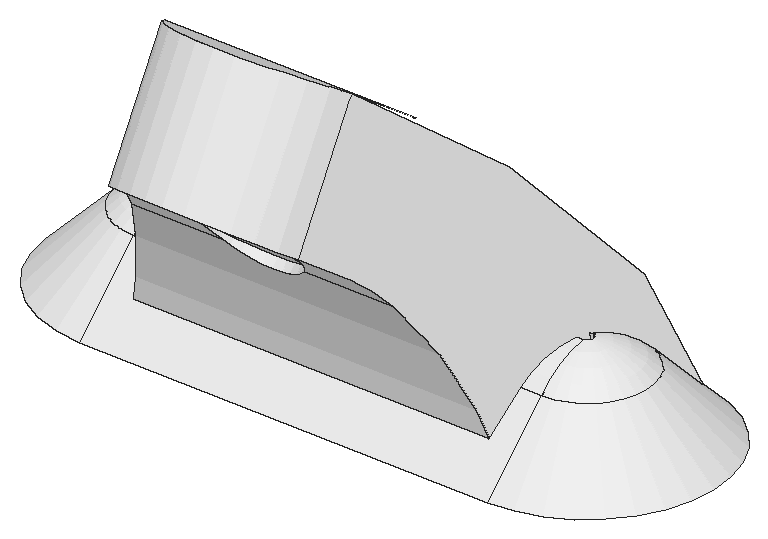
Revit family "WH3375-HC-SO", category Plumbing Fixtures, Revit 2018
Family settings
  Round Connector Dimension = Use Diameter
  Part Type = Normal
  OmniClass Number = 23.45.55.14
  OmniClass Title = Single Faucets
  Work Plane-Based = Yes
  Always vertical = No
  Cut with Voids When Loaded = No
  Shared = Yes
  Room Calculation Point = No
Parameters (values of type "WH3375-HC-SO")
  Waste Connection = no
  Voltage = 9 V
  Vent Connection = no
  URL = "https://www.whitehallmfg.com/home"
  Product Page URL = "https://www.whitehallmfg.com/WH3375-HC-SO"
  Product Documentation Link = "https://www.whitehallmfg.com/uploads/fileLibrary/WH3375-HC-SO.pdf"
  Price = "Prices may vary. Please consult Manufacturer Representative for most up-to-date price list."  # constant formula
  Model = "WH3375-HC-SO"  # constant formula
  Manufacturer = "Whitehall Mfg."  # constant formula
  Installation Type = "Counter Mounted"  # constant formula
  Hot Water Connection Radius = Hot Water Connection Diameter / 2  # 1/2"
  Hot Water Connection Diameter = 1"
  HWFU = 1.5
  HW Connection = yes
  Flow Rate = "0.5 GPM"  # constant formula
  Faucet material = Metal-Whitehalls-Chrome Plated-Cast Bronze
  Description = "Ligature Resistant Dual Temperature Sensor Activated Faucet - 4 Inch Centerset"  # constant formula
  Default Elevation = 0"
  Creation Date = "22/12/20"  # constant formula
  Cold Water Connection Radius = Cold Water Connection Diameter / 2  # 1/2"
  Cold Water Connection Diameter = 1"
  Centerset Width = 4"
  CWFU = 1.5
  CW Connection = yes
  Assembly Code = "D2020"
  ADA Compliant = yes
Reference planes (in)
  plane 1 "Center (Front/Back)": y = 0
  plane 2: z = 0
  plane 3 "Center (Left/Right)": x = 0
  plane 4: x = 2
  plane 5: x = -2
  plane 6: z = 0.25
Forms (in)
  Sweep 1, solid, material "Metal-Whitehalls-Chrome Plated-Cast Bronze" <- "Faucet material"
    path origin (0, 0, 0) x (1, 0, 0) y (0, 1, 0)
      loop
        arc (-2.01519, 1.21135) -> (-3.20237, 0.02417) -> (-2.01519, -1.16302) r 1.18718
        line (-2.01519, -1.16302) -> (2.01519, -1.16302)
        arc (2.01519, -1.16302) -> (3.20237, 0.02417) -> (2.01519, 1.21135) r 1.18718
        line (2.01519, 1.21135) -> (-2.01519, 1.21135)
    profile origin (-3.20237, 0.02417, 0) x (1, 0, 0) y (0, 0, 1)
      loop
        line (1.13315, 0) -> (1.13315, 0.92289)
        arc (1.13315, 0.92289) -> (0.84867, 0.83222) -> (0.60678, 0.65717) r 0.94322
        line (0.60678, 0.65717) -> (-0.05039, 0) -> (1.13315, 0)
  Extrusion 2, solid, material "Metal-Whitehalls-Chrome Plated-Cast Bronze" <- "Faucet material"
    sketch origin (0, 0.0336, 0.60763) x (1, 0, 0) y (0, -0.87462, 0.48481)
      loop
        line (-2.60131, -1.43406) -> (2.60145, -1.43406) -> (0.92701, 2.71322)
        arc (0.92701, 2.71322) -> (-0.00034, 3.33884) -> (-0.92759, 2.7131) r 1
        line (-0.92759, 2.7131) -> (-2.60131, -1.43406)
    from -1.87067 to 0.92547
  Sweep 3, void
    path origin (-24, 0, 0) x (1, 0, 0) y (0, 1, 0)
      loop
        line (20.83844, 1.02123) -> (27.16156, 1.02123)
    profile origin (0, 1.02123, 0) x (0, 1, 0) y (0, 0, 1)
      loop
        line (-2.84104, 1.92987) -> (-4.35982, 2.99333) -> (-4.35982, -1.5) -> (1.24039, -1.5) -> (1.24039, 4.11402) -> (-4.05899, 4.11402)
        arc (-4.05899, 4.11402) -> (-2.00338, 2.98117) -> (-0.41383, 1.25427) r 7.29607
        arc (-0.41383, 1.25427) -> (-0.18208, 0.63622) -> (-0.00629, 0) r 7.40654
        line (-0.00629, 0) -> (-1.82024, 0)
        arc (-1.82024, 0) -> (-2.06355, 0.83854) -> (-2.49765, 1.59611) r 3.67816
        arc (-2.49765, 1.59611) -> (-2.65594, 1.77678) -> (-2.84104, 1.92987) r 1.5
  Extrusion 4, void
    sketch origin (0, -1.61963, -0.4264) x (1, 0, 0) y (0, 0.766044, -0.642788)
      loop
        circle (0, -1.47796) r 0.5
    from 1.07238 to 1.69203
  Extrusion 5, solid, material "Metal-Whitehalls-Chrome Plated-Cast Bronze"
    sketch origin (-0.22864, 0.25976, -0.09443) x (-0.190555, 0.981649, 0.007292) y (0.069491, 0.00608, 0.997564)
      loop
        arc (-0.61984, 1.28061) -> (-0.61984, 1.36778) -> (-0.70702, 1.36778) r 0.06164
        line (-0.70702, 1.36778) -> (-0.88379, 1.191)
        arc (-0.88379, 1.191) -> (-0.88379, 1.10383) -> (-0.79662, 1.10383) r 0.06164
        line (-0.79662, 1.10383) -> (-0.61984, 1.28061)
    from -1.51719 to -1.44997
  Extrusion 6, solid, material "Metal-Whitehalls-Chrome Plated-Cast Bronze"
    sketch origin (0.22864, 0.25976, -0.09443) x (0.190555, 0.981649, 0.007292) y (0.069491, -0.00608, -0.997564)
      loop
        line (-0.61984, -1.28061) -> (-0.79662, -1.10383)
        arc (-0.79662, -1.10383) -> (-0.88379, -1.10383) -> (-0.88379, -1.191) r 0.06164
        line (-0.88379, -1.191) -> (-0.70702, -1.36778)
        arc (-0.70702, -1.36778) -> (-0.61984, -1.36778) -> (-0.61984, -1.28061) r 0.06164
    from -1.51719 to -1.44997
  Revolve 7, solid, material "Red"
    sketch origin (0.18259, -0.48587, -0.05132) x (1, 0, 0) y (0, 0, 1)
      loop
        arc (-1.62177, 1.18577) -> (-1.87177, 0.93577) -> (-1.62177, 0.68577) r 0.25
        line (-1.62177, 0.68577) -> (-1.62177, 1.18577)
      axis (-1.62177, 1.18577) -> (-1.62177, 0.68577)
    angle from 0 to 360
  Revolve 8, solid, material "Blue"
    sketch origin (-0.18259, -0.48587, -0.05132) x (-1, 0, 0) y (0, 0, -1)
      loop
        line (-1.62177, -1.18577) -> (-1.62177, -0.68577)
        arc (-1.62177, -0.68577) -> (-1.87177, -0.93577) -> (-1.62177, -1.18577) r 0.25
      axis (-1.62177, -1.18577) -> (-1.62177, -0.68577)
    angle from 0 to 360
  Extrusion 9, solid
    sketch origin (0, 0, 0) x (1, 0, 0) y (0, 1, 0)
      loop
        circle (-1.98563, 0.00566) r 0.5
      loop
        circle (2, 0) r 0.5
    from 0 to 0.25
Cuts and joins
  Sweep 3, Extrusion 4 cuts Extrusion 2
  Extrusion 4 cuts Sweep 1
Lines and regions (in)
  Masking region 1
    outline origin (0, 0, 0) x (1, 0, 0) y (0, 1, 0)
      loop
        line (-2.01519, -1.2134) -> (-1.76621, -1.2134) -> (-1.26768, -1.9641)
        spline (-1.26768, -1.9641) -> (-1.24337, -1.99524) -> (-1.21835, -2.02942) -> (-1.19268, -2.06656) -> (-1.1664, -2.10658) -> (-1.13958, -2.1494) -> (-1.11227, -2.19491) -> (-1.08453, -2.24303) -> (-1.05643, -2.29364) -> (-1.02802, -2.34664) -> (-0.99936, -2.40191) -> (-0.97052, -2.45933) -> (-0.94157, -2.51878)
        spline (-0.94157, -2.51878) -> (-0.8555, -2.66846) -> (-0.73439, -2.80088) -> (-0.58321, -2.91061) -> (-0.40814, -2.99317) -> (-0.21636, -3.04517) -> (-0.01573, -3.06448) -> (0.18555, -3.05031) -> (0.37921, -3.00323) -> (0.55734, -2.92519) -> (0.71263, -2.81937) -> (0.83872, -2.69011) -> (0.93045, -2.54271)
        spline (0.93045, -2.54271) -> (0.96151, -2.47811) -> (0.99244, -2.41579) -> (1.02314, -2.3559) -> (1.05356, -2.29859) -> (1.08362, -2.244) -> (1.11324, -2.19226) -> (1.14235, -2.14349) -> (1.17089, -2.09781) -> (1.19877, -2.05534) -> (1.22594, -2.01618) -> (1.25233, -1.98042) -> (1.27788, -1.94814)
        line (1.27788, -1.94814) -> (1.76601, -1.2134) -> (2.01519, -1.2134)
        arc (2.01519, -1.2134) -> (3.25276, 0.02417) -> (2.01519, 1.26173) r 1.23757
        line (2.01519, 1.26173) -> (-2.01519, 1.26173)
        arc (-2.01519, 1.26173) -> (-3.25276, 0.02417) -> (-2.01519, -1.2134) r 1.23757
  symbolic lines, detail levels medium+fine
    curve 1: circle (-1.98563, 0.00566, 0) r 0.5 normal (0, 0, 1)
    curve 2: circle (2, 0, 0) r 0.5 normal (0, 0, 1)
  symbolic lines
    curve 3: line (0, -2.05582, 3.75) -> (0, -3.80582, 3.75)
    curve 4: line (0, -0.02987, 0.92289) -> (0, -1.39566, 0.92289)
Dimensions and locks (in)
  plane 5 to plane 3 "Center (Left/Right)" to plane 4 = 2", 2"
  "Centerset Width": plane 5 to plane 4
  level to curve 3 = 3 3/4"
  level to curve 4 = 0.92289"
  "Hot Water Connection Radius": radius of Extrusion 9 sketch curve
  "Cold Water Connection Radius": radius of Extrusion 9 sketch curve
  aligned and locked: plane 6 to Extrusion 9
  aligned and locked: Masking region 1 sketch curve to cut or joined group of Sweep 1, Extrusion 4  (x2)
  aligned and locked: curve 1 to Extrusion 9
  aligned and locked: curve 2 to Extrusion 9
Automatic sketch dimensions
  Extrusion 4 sketch curve to plane 3 "Center (Left/Right)" = 0"
  Extrusion 5 sketch curve to Extrusion 5 sketch curve = 0.04359"  (x6)
  Extrusion 5 sketch curve to Extrusion 5 sketch curve = 0.17678"  (x2)
  Extrusion 6 sketch curve to Extrusion 6 sketch curve = 0.04359"  (x6)
  Extrusion 6 sketch curve to Extrusion 6 sketch curve = 0.17678"  (x2)
  Revolve 7 sketch curve to plane 5 = 0.56083"  (x2)
  level to Revolve 7 sketch curve = 0.63445"
  Revolve 7 sketch curve to Revolve 7 sketch curve = 1/4"
  Revolve 7 sketch curve to level = 0.007"
  Revolve 7 sketch curve to Revolve 7 sketch curve = 0.60855"
  Revolve 8 sketch curve to plane 4 = 0.56083"  (x2)
  level to Revolve 8 sketch curve = 1.13445"
  Revolve 8 sketch curve to Revolve 8 sketch curve = 1/4"
  Revolve 8 sketch curve to level = 0.007"
  Revolve 8 sketch curve to Revolve 8 sketch curve = 0.60855"
  plane 5 to Extrusion 2 sketch curve = 0.60131"
  Extrusion 2 sketch curve to plane 3 "Center (Left/Right)" = 0.92759"
  Extrusion 2 sketch curve to plane 3 "Center (Left/Right)" = 0.00027"
  plane 3 "Center (Left/Right)" to Extrusion 2 sketch curve = 0.92701"
  plane 4 to Extrusion 2 sketch curve = 0.60145"
  Extrusion 2 sketch curve to Extrusion 2 sketch curve = 3.7729"
  Extrusion 2 sketch curve to Extrusion 2 sketch curve = 0.37425"
  plane 1 "Center (Front/Back)" to Extrusion 9 sketch curve = 0"
  Extrusion 9 sketch curve to plane 4 = 0"
  Extrusion 9 sketch curve to plane 1 "Center (Front/Back)" = 0.00566"
  Extrusion 9 sketch curve to plane 5 = 0.01437"
  Sweep 3 sketch curve to plane 1 "Center (Front/Back)" = 1.02123"
  plane 4 to Sweep 3 sketch curve = 1.16156"
  plane 5 to Sweep 3 sketch curve = 1.16156"
  Masking region 1 sketch curve to plane 4 = 0.72212"
  plane 3 "Center (Left/Right)" to Masking region 1 sketch curve = 0.90422"
  Masking region 1 sketch curve to Masking region 1 sketch curve = 0.34743"
  Masking region 1 sketch curve to Masking region 1 sketch curve = 0.18807"
  Masking region 1 sketch curve to Masking region 1 sketch curve = 0.59456"
  Masking region 1 sketch curve to plane 3 "Center (Left/Right)" = 0.00015"
  Masking region 1 sketch curve to Masking region 1 sketch curve = 0.06753"
  Masking region 1 sketch curve to plane 5 = 0.53382"
  Masking region 1 sketch curve to Masking region 1 sketch curve = 0.1985"
  Masking region 1 sketch curve to Masking region 1 sketch curve = 0.02613"
  Masking region 1 sketch curve to Masking region 1 sketch curve = 0.8741"
  Sweep 3 sketch curve to level = 0"
  Sweep 3 sketch curve to level = 1.65252"
  profile plane to Sweep 3 sketch curve = 7.22613"
  Sweep 3 sketch curve to Sweep 3 sketch curve = 0.71927"
  Sweep 3 sketch curve to level = 0.59845"
  Sweep 3 sketch curve to Sweep 3 sketch curve = 1.77674"
  Sweep 3 sketch curve to Sweep 3 sketch curve = 1.08957"
  Sweep 3 sketch curve to Sweep 3 sketch curve = 0.30083"
  level to Sweep 3 sketch curve = 0.70114"
  Sweep 3 sketch curve to Sweep 3 sketch curve = 0.86036"
  profile plane to Sweep 3 sketch curve = 0.00629"
  Sweep 3 sketch curve to profile plane = 1.24039"
  Sweep 3 sketch curve to Sweep 3 sketch curve = 1.10664"
  Sweep 3 sketch curve to level = 1 1/2"
  Sweep 3 sketch curve to Sweep 3 sketch curve = 1.06346"
  Sweep 3 sketch curve to Sweep 3 sketch curve = 1.12069"
  Sweep 3 sketch curve to Sweep 3 sketch curve = 0.34339"
  Sweep 3 sketch curve to Sweep 3 sketch curve = 0"
  Sweep 3 sketch curve to Sweep 3 sketch curve = 0.67741"
  Masking region 1 sketch curve to plane 5 = 0.23379"
  Masking region 1 sketch curve to plane 4 = 0.23399"
  Masking region 1 sketch curve to Masking region 1 sketch curve = 0.73474"
  Masking region 1 sketch curve to Masking region 1 sketch curve = 0.7507"
  plane 5 to Sweep 1 sketch curve = 0.01519"
  plane 4 to Sweep 1 sketch curve = 0.01519"
  plane 1 "Center (Front/Back)" to Sweep 1 sketch curve = 1.16302"
  Sweep 1 sketch curve to plane 1 "Center (Front/Back)" = 0.02417"
  Sweep 1 sketch curve to level = 0"
  profile plane to Sweep 1 sketch curve = 0.05039"
  Sweep 1 sketch curve to profile plane = 0.60678"
  Sweep 1 sketch curve to Sweep 1 sketch curve = 0.52637"
  Sweep 1 sketch curve to level = 0.00979"
  Sweep 1 sketch curve to Sweep 1 sketch curve = 0.14059"
  level to Sweep 1 sketch curve = 0.65717"
  plane 1 "Center (Front/Back)" to curve 3 = 3.80582"
  curve 3 to curve 3 = 1 3/4"
  plane 1 "Center (Front/Back)" to curve 4 = 1.39566"
  plane 1 "Center (Front/Back)" to curve 4 = 0.02987"
  radius of Extrusion 4 sketch curve = 1/2"
Connectors (in)
  piping at (-1.98563, 0.00566, 0), diameter 1, driven by "Hot Water Connection Diameter", driven by "HWFU"
    settings: on Extrusion 9, index 1, connector inside diameter 24", connector length 0", flow factor 0, pipe flow 0.5 GPM, pressure drop 0.00 psi, fitting loss kfactor 0, connector angle 0.00°, fixture units 1.5, engagement length 0", angle of deflection 0.00°, flow configuration 3, flow direction 1, fitting loss method 0, system type 19, joint type 0, gender type 0, connector reference index -1, connector utility 0, adjustable connector no, is connector primary yes, connector description "HW Inlet Connection"
  piping at (2, 0, 0), diameter 1, driven by "Cold Water Connection Diameter", driven by "CWFU"
    settings: on Extrusion 9, index 2, connector inside diameter 24", connector length 0", flow factor 0, pipe flow 0.5 GPM, pressure drop 0.00 psi, fitting loss kfactor 0, connector angle 0.00°, fixture units 1.5, engagement length 0", angle of deflection 0.00°, flow configuration 3, flow direction 1, fitting loss method 0, system type 20, joint type 0, gender type 0, connector reference index -1, connector utility 0, adjustable connector no, is connector primary no, connector description "CW Inlet Connection"
